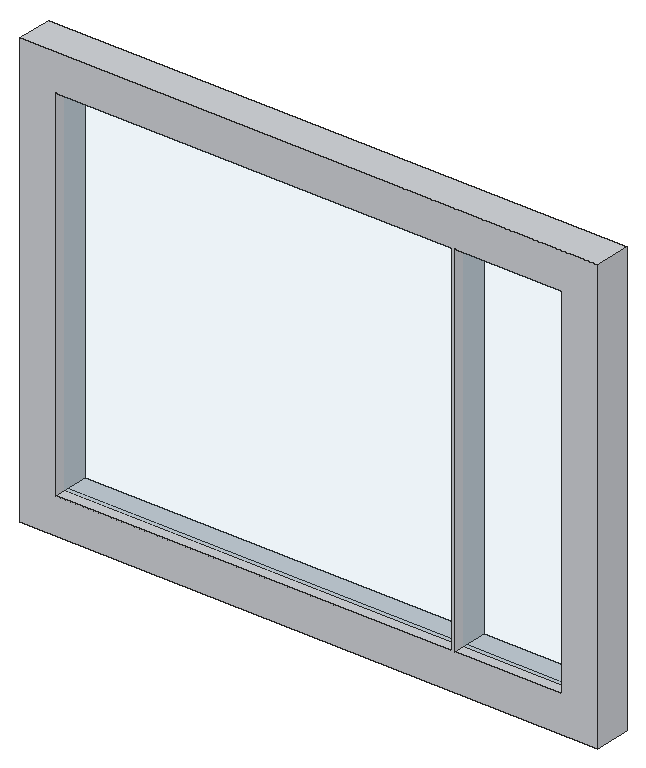
Revit family "PHLS Window - 1 Mullion", category Windows, host Wall, Revit 2018 (continued)
Definition of nested family "dHori Text - Elevation"
  Lines and regions (mm)
    Filled region 4, type "Solid Fill - Blue", in view "Ref. Level"
      outline origin (167.493, 0, 0) x (1, 0, 0) y (0, 1, 0)
        loop
          spline (-175.674, -23.613) -> (-171.33, -22.908) -> (-169.791, -22.309) -> (-168.405, -21.311) -> (-167.201, -20.024) -> (-166.317, -18.518) -> (-165.768, -16.888) -> (-165.579, -15.289) -> (-165.618, -13.63) -> (-166.119, -11.979) -> (-167.07, -10.588) -> (-168.322, -9.573) -> (-171.627, -8.762)
          line (-171.627, -8.762) -> (-183.335, -8.762) -> (-188.472, -33.793)
        loop
          line (-180.453, -11.396) -> (-182.387, -20.819) -> (-175.67, -20.819)
          spline (-175.67, -20.819) -> (-172.662, -20.274) -> (-171.624, -19.818) -> (-170.758, -19.233) -> (-170.01, -18.47) -> (-169.367, -17.36) -> (-168.916, -16.205) -> (-168.749, -15.161) -> (-168.855, -14.116) -> (-169.161, -13.156) -> (-169.994, -12.16) -> (-170.911, -11.709) -> (-173.495, -11.396)
          line (-173.495, -11.396) -> (-180.453, -11.396)
    Filled region 5, type "Solid Fill - Blue", in view "Ref. Level"
      outline origin (212.493, 0, 0) x (1, 0, 0) y (0, 1, 0)
        loop
          line (-189.097, -33.793) -> (-186.143, -33.793) -> (-181.007, -8.762) -> (-183.96, -8.762) -> (-185.992, -18.666)
          spline (-185.992, -18.666) -> (-189.018, -15.645) -> (-191.89, -15.318) -> (-194.745, -16.312) -> (-197.017, -18.256) -> (-198.758, -21.005) -> (-199.707, -23.911) -> (-199.98, -27.227) -> (-199.492, -30.174) -> (-197.974, -32.627) -> (-195.435, -34.052) -> (-192.553, -33.977) -> (-188.596, -31.353)
          line (-188.596, -31.353) -> (-189.097, -33.793)
        loop
          spline (-187.074, -23.939) -> (-187.766, -19.434) -> (-189.652, -17.96) -> (-191.978, -17.855) -> (-193.982, -19.036) -> (-195.419, -21.043) -> (-196.57, -23.675) -> (-197.008, -26.615) -> (-196.558, -29.314) -> (-195.29, -31.127) -> (-193.225, -31.745) -> (-190.995, -31.199) -> (-187.564, -26.326)
          line (-187.564, -26.326) -> (-187.074, -23.939)
    Filled region 6, type "Solid Fill - Blue", in view "Ref. Level"
      outline origin (219.538, 0, 0) x (1, 0, 0) y (0, 1, 0)
        loop
          line (-188.472, -33.793) -> (-185.05, -33.793) -> (-182.624, -21.973) -> (-169.658, -21.973) -> (-172.083, -33.793) -> (-168.661, -33.793) -> (-163.525, -8.762) -> (-166.947, -8.762) -> (-169.084, -19.178) -> (-182.05, -19.178) -> (-179.913, -8.762) -> (-183.335, -8.762) -> (-188.472, -33.793)
    Filled region 7, type "Solid Fill - Blue", in view "Ref. Level"
      outline origin (273.973, -0.029, 0) x (1, 0, 0) y (0, 1, 0)
        loop
          line (-187.046, -33.813) -> (-183.92, -33.813) -> (-180.059, -15.651) -> (-183.186, -15.651) -> (-187.046, -33.813)
        loop
          line (-178.662, -8.76) -> (-181.772, -8.76) -> (-182.479, -12.206) -> (-179.369, -12.206) -> (-178.662, -8.76)
    Filled region 8, type "Solid Fill - Blue", in view "Ref. Level"
      outline origin (262.354, -0.029, 0) x (1, 0, 0) y (0, 1, 0)
        loop
          line (-187.203, -33.813) -> (-184.232, -33.813) -> (-182.187, -24.191)
          spline (-182.187, -24.191) -> (-181.595, -22.531) -> (-181.014, -21.296) -> (-180.448, -20.401) -> (-179.904, -19.758) -> (-179.385, -19.282) -> (-178.893, -18.903) -> (-178.403, -18.603) -> (-177.889, -18.375) -> (-177.325, -18.211) -> (-176.675, -18.137) -> (-175.886, -18.259) -> (-174.899, -18.698)
          line (-174.899, -18.698) -> (-173.695, -15.861)
          spline (-173.695, -15.861) -> (-174.712, -15.452) -> (-175.433, -15.243) -> (-176.054, -15.188) -> (-176.66, -15.253) -> (-177.241, -15.405) -> (-177.786, -15.618) -> (-178.303, -15.896) -> (-178.811, -16.26) -> (-179.331, -16.733) -> (-179.901, -17.353) -> (-180.588, -18.186) -> (-181.46, -19.3)
          line (-181.46, -19.3) -> (-180.684, -15.651) -> (-183.342, -15.651) -> (-187.203, -33.813)
    Filled region 9, type "Solid Fill - Blue", in view "Ref. Level"
      outline origin (250.372, -0.029, 0) x (1, 0, 0) y (0, 1, 0)
        loop
          spline (-187.2, -31.928) -> (-185.814, -32.036) -> (-184.391, -31.647) -> (-183.027, -30.787) -> (-181.817, -29.514) -> (-180.842, -27.915) -> (-180.169, -26.1) -> (-179.844, -24.191) -> (-179.889, -22.319) -> (-180.301, -20.612) -> (-181.051, -19.185) -> (-182.089, -18.136) -> (-183.345, -17.537)
          spline (-183.345, -17.537) -> (-184.731, -17.428) -> (-186.154, -17.818) -> (-187.518, -18.678) -> (-188.728, -19.951) -> (-189.703, -21.549) -> (-190.376, -23.365) -> (-190.701, -25.274) -> (-190.656, -27.146) -> (-190.244, -28.853) -> (-189.494, -30.28) -> (-188.455, -31.328) -> (-187.2, -31.928)
        loop
          spline (-187.969, -34.137) -> (-185.791, -34.414) -> (-183.578, -34.032) -> (-181.481, -33.016) -> (-179.642, -31.436) -> (-178.186, -29.399) -> (-177.214, -27.043) -> (-176.79, -24.53) -> (-176.945, -22.031) -> (-177.667, -19.717) -> (-178.908, -17.743) -> (-180.582, -16.247) -> (-182.576, -15.328)
          spline (-182.576, -15.328) -> (-184.753, -15.05) -> (-186.967, -15.433) -> (-189.064, -16.448) -> (-190.903, -18.029) -> (-192.359, -20.066) -> (-193.331, -22.422) -> (-193.755, -24.934) -> (-193.6, -27.433) -> (-192.878, -29.748) -> (-191.637, -31.721) -> (-189.963, -33.218) -> (-187.969, -34.137)
Definition of nested family "hHori Text - Elevation"
  Reference planes
    plane 1 "Center (Front/Back)": y = 0
    plane 2: z = 0
    plane 3 "Center (Left/Right)": x = 0
  Lines and regions (mm)
    Filled region 1, type "Solid Fill - Blue", in view "Ref. Level"
      outline origin (96.015, 45, 0) x (1, 0, 0) y (0, 1, 0)
        loop
          line (-188.472, -33.793) -> (-185.05, -33.793) -> (-182.961, -23.613) -> (-175.674, -23.613)
          spline (-175.674, -23.613) -> (-171.33, -22.908) -> (-169.791, -22.309) -> (-168.405, -21.311) -> (-167.201, -20.024) -> (-166.317, -18.518) -> (-165.768, -16.888) -> (-165.579, -15.289) -> (-165.618, -13.63) -> (-166.119, -11.979) -> (-167.07, -10.588) -> (-168.322, -9.573) -> (-171.627, -8.762)
          line (-171.627, -8.762) -> (-183.335, -8.762) -> (-188.472, -33.793)
        loop
          line (-180.453, -11.396) -> (-182.387, -20.819) -> (-175.67, -20.819)
          spline (-175.67, -20.819) -> (-172.662, -20.274) -> (-171.624, -19.818) -> (-170.758, -19.233) -> (-170.01, -18.47) -> (-169.367, -17.36) -> (-168.916, -16.205) -> (-168.749, -15.161) -> (-168.855, -14.116) -> (-169.161, -13.156) -> (-169.994, -12.16) -> (-170.911, -11.709) -> (-173.495, -11.396)
          line (-173.495, -11.396) -> (-180.453, -11.396)
    Filled region 2, type "Solid Fill - Blue", in view "Ref. Level"
      outline origin (119.226, 45, 0) x (1, 0, 0) y (0, 1, 0)
        loop
          line (-188.472, -33.793) -> (-185.05, -33.793) -> (-182.624, -21.973) -> (-169.658, -21.973) -> (-172.083, -33.793) -> (-168.661, -33.793) -> (-163.525, -8.762) -> (-166.947, -8.762) -> (-169.084, -19.178) -> (-182.05, -19.178) -> (-179.913, -8.762) -> (-183.335, -8.762) -> (-188.472, -33.793)
    Filled region 3, type "Solid Fill - Blue", in view "Ref. Level"
      outline origin (144.429, 45, 0) x (1, 0, 0) y (0, 1, 0)
        loop
          line (-188.472, -33.793) -> (-185.05, -33.793) -> (-182.961, -23.613) -> (-175.674, -23.613)
          spline (-175.674, -23.613) -> (-171.33, -22.908) -> (-169.791, -22.309) -> (-168.405, -21.311) -> (-167.201, -20.024) -> (-166.317, -18.518) -> (-165.768, -16.888) -> (-165.579, -15.289) -> (-165.618, -13.63) -> (-166.119, -11.979) -> (-167.07, -10.588) -> (-168.322, -9.573) -> (-171.627, -8.762)
          line (-171.627, -8.762) -> (-183.335, -8.762) -> (-188.472, -33.793)
        loop
          line (-180.453, -11.396) -> (-182.387, -20.819) -> (-175.67, -20.819)
          spline (-175.67, -20.819) -> (-172.662, -20.274) -> (-171.624, -19.818) -> (-170.758, -19.233) -> (-170.01, -18.47) -> (-169.367, -17.36) -> (-168.916, -16.205) -> (-168.749, -15.161) -> (-168.855, -14.116) -> (-169.161, -13.156) -> (-169.994, -12.16) -> (-170.911, -11.709) -> (-173.495, -11.396)
          line (-173.495, -11.396) -> (-180.453, -11.396)
    Filled region 4, type "Solid Fill - Blue", in view "Ref. Level"
      outline origin (167.493, 45, 0) x (1, 0, 0) y (0, 1, 0)
        loop
          line (-188.472, -33.793) -> (-185.05, -33.793) -> (-182.961, -23.613) -> (-175.674, -23.613)
          spline (-175.674, -23.613) -> (-171.33, -22.908) -> (-169.791, -22.309) -> (-168.405, -21.311) -> (-167.201, -20.024) -> (-166.317, -18.518) -> (-165.768, -16.888) -> (-165.579, -15.289) -> (-165.618, -13.63) -> (-166.119, -11.979) -> (-167.07, -10.588) -> (-168.322, -9.573) -> (-171.627, -8.762)
          line (-171.627, -8.762) -> (-183.335, -8.762) -> (-188.472, -33.793)
        loop
          line (-180.453, -11.396) -> (-182.387, -20.819) -> (-175.67, -20.819)
          spline (-175.67, -20.819) -> (-172.662, -20.274) -> (-171.624, -19.818) -> (-170.758, -19.233) -> (-170.01, -18.47) -> (-169.367, -17.36) -> (-168.916, -16.205) -> (-168.749, -15.161) -> (-168.855, -14.116) -> (-169.161, -13.156) -> (-169.994, -12.16) -> (-170.911, -11.709) -> (-173.495, -11.396)
          line (-173.495, -11.396) -> (-180.453, -11.396)
    Filled region 5, type "Solid Fill - Blue", in view "Ref. Level"
      outline origin (219.538, 45, 0) x (1, 0, 0) y (0, 1, 0)
        loop
          line (-188.472, -33.793) -> (-185.05, -33.793) -> (-182.624, -21.973) -> (-169.658, -21.973) -> (-172.083, -33.793) -> (-168.661, -33.793) -> (-163.525, -8.762) -> (-166.947, -8.762) -> (-169.084, -19.178) -> (-182.05, -19.178) -> (-179.913, -8.762) -> (-183.335, -8.762) -> (-188.472, -33.793)
    Filled region 6, type "Solid Fill - Blue", in view "Ref. Level"
      outline origin (273.973, 44.971, 0) x (1, 0, 0) y (0, 1, 0)
        loop
          line (-187.046, -33.813) -> (-183.92, -33.813) -> (-180.059, -15.651) -> (-183.186, -15.651) -> (-187.046, -33.813)
        loop
          line (-178.662, -8.76) -> (-181.772, -8.76) -> (-182.479, -12.206) -> (-179.369, -12.206) -> (-178.662, -8.76)
    Filled region 7, type "Solid Fill - Blue", in view "Ref. Level"
      outline origin (262.354, 44.971, 0) x (1, 0, 0) y (0, 1, 0)
        loop
          line (-187.203, -33.813) -> (-184.232, -33.813) -> (-182.187, -24.191)
          spline (-182.187, -24.191) -> (-181.595, -22.531) -> (-181.014, -21.296) -> (-180.448, -20.401) -> (-179.904, -19.758) -> (-179.385, -19.282) -> (-178.893, -18.903) -> (-178.403, -18.603) -> (-177.889, -18.375) -> (-177.325, -18.211) -> (-176.675, -18.137) -> (-175.886, -18.259) -> (-174.899, -18.698)
          line (-174.899, -18.698) -> (-173.695, -15.861)
          spline (-173.695, -15.861) -> (-174.712, -15.452) -> (-175.433, -15.243) -> (-176.054, -15.188) -> (-176.66, -15.253) -> (-177.241, -15.405) -> (-177.786, -15.618) -> (-178.303, -15.896) -> (-178.811, -16.26) -> (-179.331, -16.733) -> (-179.901, -17.353) -> (-180.588, -18.186) -> (-181.46, -19.3)
          line (-181.46, -19.3) -> (-180.684, -15.651) -> (-183.342, -15.651) -> (-187.203, -33.813)
    Filled region 8, type "Solid Fill - Blue", in view "Ref. Level"
      outline origin (250.372, 44.971, 0) x (1, 0, 0) y (0, 1, 0)
        loop
          spline (-187.2, -31.928) -> (-185.814, -32.036) -> (-184.391, -31.647) -> (-183.027, -30.787) -> (-181.817, -29.514) -> (-180.842, -27.915) -> (-180.169, -26.1) -> (-179.844, -24.191) -> (-179.889, -22.319) -> (-180.301, -20.612) -> (-181.051, -19.185) -> (-182.089, -18.136) -> (-183.345, -17.537)
          spline (-183.345, -17.537) -> (-184.731, -17.428) -> (-186.154, -17.818) -> (-187.518, -18.678) -> (-188.728, -19.951) -> (-189.703, -21.549) -> (-190.376, -23.365) -> (-190.701, -25.274) -> (-190.656, -27.146) -> (-190.244, -28.853) -> (-189.494, -30.28) -> (-188.455, -31.328) -> (-187.2, -31.928)
        loop
          spline (-187.969, -34.137) -> (-185.791, -34.414) -> (-183.578, -34.032) -> (-181.481, -33.016) -> (-179.642, -31.436) -> (-178.186, -29.399) -> (-177.214, -27.043) -> (-176.79, -24.53) -> (-176.945, -22.031) -> (-177.667, -19.717) -> (-178.908, -17.743) -> (-180.582, -16.247) -> (-182.576, -15.328)
          spline (-182.576, -15.328) -> (-184.753, -15.05) -> (-186.967, -15.433) -> (-189.064, -16.448) -> (-190.903, -18.029) -> (-192.359, -20.066) -> (-193.331, -22.422) -> (-193.755, -24.934) -> (-193.6, -27.433) -> (-192.878, -29.748) -> (-191.637, -31.721) -> (-189.963, -33.218) -> (-187.969, -34.137)
    Filled region 9, type "Solid Fill - Blue", in view "Ref. Level"
      outline origin (198.758, 44.983, 0) x (1, 0, 0) y (0, 1, 0)
        loop
          line (-187.203, -33.813) -> (-184.076, -33.813) -> (-182.029, -24.183)
          spline (-182.029, -24.183) -> (-181.055, -21.496) -> (-180.114, -19.985) -> (-179.213, -19.156) -> (-178.355, -18.578) -> (-177.493, -18.149) -> (-176.57, -17.875) -> (-175.595, -17.762) -> (-174.69, -17.814) -> (-173.937, -18.051) -> (-173.31, -18.53) -> (-172.9, -19.34) -> (-173.029, -21.034)
          line (-173.029, -21.034) -> (-175.745, -33.813) -> (-172.618, -33.813) -> (-170.184, -22.361)
          spline (-170.184, -22.361) -> (-169.793, -19.618) -> (-169.966, -18.045) -> (-170.478, -17.066) -> (-171.158, -16.393) -> (-171.899, -15.878) -> (-172.776, -15.508) -> (-173.861, -15.299) -> (-175.038, -15.27) -> (-176.173, -15.439) -> (-177.283, -15.818) -> (-178.473, -16.46) -> (-180.15, -17.713)
          line (-180.15, -17.713) -> (-180.789, -18.352) -> (-178.751, -8.76) -> (-181.877, -8.76) -> (-187.203, -33.813)
Definition of nested family "oReveal Right Side Text - Elevation"
  Reference planes
    plane 1 "Center (Front/Back)": y = 0
    plane 2: z = 0
    plane 3 "Center (Left/Right)": x = 0
  Lines and regions (mm)
    Filled region 1, type "Solid Fill - Blue", in view "Ref. Level"
      outline origin (-11.25, 45, 0) x (1, 0, 0) y (0, 1, 0)
        loop
          line (-188.472, -33.793) -> (-185.05, -33.793) -> (-182.961, -23.613) -> (-175.674, -23.613)
          spline (-175.674, -23.613) -> (-171.33, -22.908) -> (-169.791, -22.309) -> (-168.405, -21.311) -> (-167.201, -20.024) -> (-166.317, -18.518) -> (-165.768, -16.888) -> (-165.579, -15.289) -> (-165.618, -13.63) -> (-166.119, -11.979) -> (-167.07, -10.588) -> (-168.322, -9.573) -> (-171.627, -8.762)
          line (-171.627, -8.762) -> (-183.335, -8.762) -> (-188.472, -33.793)
        loop
          line (-180.453, -11.396) -> (-182.387, -20.819) -> (-175.67, -20.819)
          spline (-175.67, -20.819) -> (-172.662, -20.274) -> (-171.624, -19.818) -> (-170.758, -19.233) -> (-170.01, -18.47) -> (-169.367, -17.36) -> (-168.916, -16.205) -> (-168.749, -15.161) -> (-168.855, -14.116) -> (-169.161, -13.156) -> (-169.994, -12.16) -> (-170.911, -11.709) -> (-173.495, -11.396)
          line (-173.495, -11.396) -> (-180.453, -11.396)
    Filled region 2, type "Solid Fill - Blue", in view "Ref. Level"
      outline origin (11.961, 45, 0) x (1, 0, 0) y (0, 1, 0)
        loop
          line (-188.472, -33.793) -> (-185.05, -33.793) -> (-182.624, -21.973) -> (-169.658, -21.973) -> (-172.083, -33.793) -> (-168.661, -33.793) -> (-163.525, -8.762) -> (-166.947, -8.762) -> (-169.084, -19.178) -> (-182.05, -19.178) -> (-179.913, -8.762) -> (-183.335, -8.762) -> (-188.472, -33.793)
    Filled region 3, type "Solid Fill - Blue", in view "Ref. Level"
      outline origin (37.164, 45, 0) x (1, 0, 0) y (0, 1, 0)
        loop
          line (-188.472, -33.793) -> (-185.05, -33.793) -> (-182.961, -23.613) -> (-175.674, -23.613)
          spline (-175.674, -23.613) -> (-171.33, -22.908) -> (-169.791, -22.309) -> (-168.405, -21.311) -> (-167.201, -20.024) -> (-166.317, -18.518) -> (-165.768, -16.888) -> (-165.579, -15.289) -> (-165.618, -13.63) -> (-166.119, -11.979) -> (-167.07, -10.588) -> (-168.322, -9.573) -> (-171.627, -8.762)
          line (-171.627, -8.762) -> (-183.335, -8.762) -> (-188.472, -33.793)
        loop
          line (-180.453, -11.396) -> (-182.387, -20.819) -> (-175.67, -20.819)
          spline (-175.67, -20.819) -> (-172.662, -20.274) -> (-171.624, -19.818) -> (-170.758, -19.233) -> (-170.01, -18.47) -> (-169.367, -17.36) -> (-168.916, -16.205) -> (-168.749, -15.161) -> (-168.855, -14.116) -> (-169.161, -13.156) -> (-169.994, -12.16) -> (-170.911, -11.709) -> (-173.495, -11.396)
          line (-173.495, -11.396) -> (-180.453, -11.396)
    Filled region 4, type "Solid Fill - Blue", in view "Ref. Level"
      outline origin (60.229, 45, 0) x (1, 0, 0) y (0, 1, 0)
        loop
          line (-188.472, -33.793) -> (-185.05, -33.793) -> (-182.961, -23.613) -> (-175.674, -23.613)
          spline (-175.674, -23.613) -> (-171.33, -22.908) -> (-169.791, -22.309) -> (-168.405, -21.311) -> (-167.201, -20.024) -> (-166.317, -18.518) -> (-165.768, -16.888) -> (-165.579, -15.289) -> (-165.618, -13.63) -> (-166.119, -11.979) -> (-167.07, -10.588) -> (-168.322, -9.573) -> (-171.627, -8.762)
          line (-171.627, -8.762) -> (-183.335, -8.762) -> (-188.472, -33.793)
        loop
          line (-180.453, -11.396) -> (-182.387, -20.819) -> (-175.67, -20.819)
          spline (-175.67, -20.819) -> (-172.662, -20.274) -> (-171.624, -19.818) -> (-170.758, -19.233) -> (-170.01, -18.47) -> (-169.367, -17.36) -> (-168.916, -16.205) -> (-168.749, -15.161) -> (-168.855, -14.116) -> (-169.161, -13.156) -> (-169.994, -12.16) -> (-170.911, -11.709) -> (-173.495, -11.396)
          line (-173.495, -11.396) -> (-180.453, -11.396)
    Filled region 5, type "Solid Fill - Blue", in view "Ref. Level"
      outline origin (112.67, 45, 0) x (1, 0, 0) y (0, 1, 0)
        loop
          line (-188.472, -33.793) -> (-185.05, -33.793) -> (-182.768, -22.676) -> (-178.749, -22.676)
          spline (-178.749, -22.676) -> (-177.093, -22.836) -> (-175.853, -23.268) -> (-174.945, -23.899) -> (-174.288, -24.657) -> (-173.796, -25.469) -> (-173.389, -26.266) -> (-173.006, -27.05) -> (-172.612, -27.905) -> (-172.172, -28.918) -> (-171.652, -30.178) -> (-171.017, -31.774) -> (-170.235, -33.793)
          line (-170.235, -33.793) -> (-166.55, -33.793)
          spline (-166.55, -33.793) -> (-167.221, -32.11) -> (-167.783, -30.698) -> (-168.262, -29.514) -> (-168.682, -28.512) -> (-169.068, -27.647) -> (-169.446, -26.874) -> (-169.84, -26.149) -> (-170.279, -25.44) -> (-170.789, -24.735) -> (-171.402, -24.023) -> (-172.145, -23.293) -> (-173.048, -22.536)
          spline (-173.048, -22.536) -> (-169.187, -21.607) -> (-167.872, -20.91) -> (-166.626, -19.99) -> (-165.691, -18.809) -> (-165.041, -17.479) -> (-164.64, -16.087) -> (-164.569, -14.41) -> (-164.781, -12.941) -> (-165.311, -11.614) -> (-166.271, -10.347) -> (-167.333, -9.51) -> (-170.221, -8.762)
          line (-170.221, -8.762) -> (-183.335, -8.762) -> (-188.472, -33.793)
        loop
          line (-180.453, -11.396) -> (-182.195, -19.881) -> (-174.048, -19.881)
          spline (-174.048, -19.881) -> (-171.339, -19.39) -> (-170.403, -18.98) -> (-169.624, -18.453) -> (-168.951, -17.766) -> (-168.372, -16.767) -> (-167.965, -15.727) -> (-167.815, -14.787) -> (-167.91, -13.846) -> (-168.186, -12.981) -> (-168.936, -12.084) -> (-169.762, -11.678) -> (-172.089, -11.396)
          line (-172.089, -11.396) -> (-180.453, -11.396)
    Filled region 6, type "Solid Fill - Blue", in view "Ref. Level"
      outline origin (140.799, 45, 0) x (1, 0, 0) y (0, 1, 0)
        loop
          line (-188.129, -25.472) -> (-174.751, -25.472)
          spline (-174.751, -25.472) -> (-175.33, -18.793) -> (-178.232, -15.972) -> (-182.297, -15.286) -> (-185.875, -16.235) -> (-188.923, -19.053) -> (-190.829, -22.908) -> (-191.378, -26.678) -> (-190.398, -30.629) -> (-187.637, -33.408) -> (-183.785, -34.191) -> (-179.629, -32.861) -> (-175.591, -27.915)
          line (-175.591, -27.915) -> (-178.628, -27.65)
          spline (-178.628, -27.65) -> (-179.383, -29.083) -> (-180.181, -30.112) -> (-181.08, -30.842) -> (-182.086, -31.328) -> (-183.191, -31.613) -> (-184.325, -31.69) -> (-185.385, -31.524) -> (-186.294, -31.082) -> (-187.053, -30.342) -> (-187.68, -29.283) -> (-188.105, -27.762) -> (-188.129, -25.472)
        loop
          spline (-177.445, -23.161) -> (-177.526, -21.224) -> (-177.805, -19.993) -> (-178.317, -19.083) -> (-179.061, -18.396) -> (-179.944, -17.928) -> (-180.872, -17.685) -> (-181.802, -17.626) -> (-182.746, -17.748) -> (-183.806, -18.125) -> (-185.057, -18.884) -> (-186.406, -20.407) -> (-187.699, -23.161)
          line (-187.699, -23.161) -> (-177.445, -23.161)
    Filled region 7, type "Solid Fill - Blue", in view "Ref. Level"
      outline origin (177.936, 45, 0) x (1, 0, 0) y (0, 1, 0)
        loop
          line (-188.129, -25.472) -> (-174.751, -25.472)
          spline (-174.751, -25.472) -> (-175.33, -18.793) -> (-178.232, -15.972) -> (-182.297, -15.286) -> (-185.875, -16.235) -> (-188.923, -19.053) -> (-190.829, -22.908) -> (-191.378, -26.678) -> (-190.398, -30.629) -> (-187.637, -33.408) -> (-183.785, -34.191) -> (-179.629, -32.861) -> (-175.591, -27.915)
          line (-175.591, -27.915) -> (-178.628, -27.65)
          spline (-178.628, -27.65) -> (-179.383, -29.083) -> (-180.181, -30.112) -> (-181.08, -30.842) -> (-182.086, -31.328) -> (-183.191, -31.613) -> (-184.325, -31.69) -> (-185.385, -31.524) -> (-186.294, -31.082) -> (-187.053, -30.342) -> (-187.68, -29.283) -> (-188.105, -27.762) -> (-188.129, -25.472)
        loop
          spline (-177.445, -23.161) -> (-177.526, -21.224) -> (-177.805, -19.993) -> (-178.317, -19.083) -> (-179.061, -18.396) -> (-179.944, -17.928) -> (-180.872, -17.685) -> (-181.802, -17.626) -> (-182.746, -17.748) -> (-183.806, -18.125) -> (-185.057, -18.884) -> (-186.406, -20.407) -> (-187.699, -23.161)
          line (-187.699, -23.161) -> (-177.445, -23.161)
    Filled region 8, type "Solid Fill - Blue", in view "Ref. Level"
      outline origin (162.443, 45, 0) x (1, 0, 0) y (0, 1, 0)
        loop
          line (-189.88, -33.819) -> (-186.425, -33.819) -> (-175.939, -15.656) -> (-179.19, -15.656) -> (-187.655, -30.927) -> (-189.88, -15.656) -> (-192.832, -15.656) -> (-189.88, -33.819)
    Filled region 9, type "Solid Fill - Blue", in view "Ref. Level"
      outline origin (197.496, 45, 0) x (1, 0, 0) y (0, 1, 0)
        loop
          spline (-176.731, -33.81) -> (-177.048, -30.756) -> (-176.568, -27.729) -> (-175.862, -24.428) -> (-175.296, -21.761) -> (-175.209, -19.472) -> (-176.174, -17.323) -> (-178.088, -15.946) -> (-180.408, -15.324) -> (-183.076, -15.244) -> (-185.871, -15.924) -> (-188.445, -17.662) -> (-190.254, -20.766)
          line (-190.254, -20.766) -> (-187.177, -21.036)
          spline (-187.177, -21.036) -> (-186.217, -19.367) -> (-185.166, -18.49) -> (-184.123, -18.053) -> (-183.14, -17.828) -> (-182.213, -17.753) -> (-181.329, -17.788) -> (-180.488, -17.931) -> (-179.696, -18.205) -> (-178.989, -18.646) -> (-178.457, -19.328) -> (-178.242, -20.429) -> (-178.61, -22.434)
          spline (-178.61, -22.434) -> (-182.106, -22.969) -> (-185.94, -23.268) -> (-188.411, -23.836) -> (-190.183, -24.81) -> (-191.466, -26.329) -> (-192.072, -28.375) -> (-191.785, -30.63) -> (-190.666, -32.589) -> (-188.815, -33.834) -> (-186.625, -34.269) -> (-184.308, -33.979) -> (-180.197, -31.547)
          line (-180.197, -31.547) -> (-179.837, -33.81) -> (-176.731, -33.81)
        loop
          arc (-179.062, -24.59) -> (-179.61, -24.797) -> (-180.176, -24.947) r 5.632
          spline (-180.176, -24.947) -> (-183.054, -25.289) -> (-185.569, -25.599) -> (-187.565, -26.26) -> (-188.711, -27.474) -> (-189.006, -29.249) -> (-188.323, -30.798) -> (-186.742, -31.691) -> (-184.734, -31.772) -> (-182.898, -31.193) -> (-181.336, -30.093) -> (-180.13, -28.385) -> (-179.062, -24.59)
    Filled region 10, type "Solid Fill - Blue", in view "Ref. Level"
      outline origin (212.589, 45, 0) x (1, 0, 0) y (0, 1, 0)
        loop
          line (-188.472, -33.793) -> (-185.362, -33.793) -> (-180.225, -8.762) -> (-183.335, -8.762) -> (-188.472, -33.793)
    Filled region 11, type "Solid Fill - Blue", in view "Ref. Level"
      outline origin (374.336, 45, 0) x (1, 0, 0) y (0, 1, 0)
        loop
          line (-188.129, -25.472) -> (-174.751, -25.472)
          spline (-174.751, -25.472) -> (-175.33, -18.793) -> (-178.232, -15.972) -> (-182.297, -15.286) -> (-185.875, -16.235) -> (-188.923, -19.053) -> (-190.829, -22.908) -> (-191.378, -26.678) -> (-190.398, -30.629) -> (-187.637, -33.408) -> (-183.785, -34.191) -> (-179.629, -32.861) -> (-175.591, -27.915)
          line (-175.591, -27.915) -> (-178.628, -27.65)
          spline (-178.628, -27.65) -> (-179.383, -29.083) -> (-180.181, -30.112) -> (-181.08, -30.842) -> (-182.086, -31.328) -> (-183.191, -31.613) -> (-184.325, -31.69) -> (-185.385, -31.524) -> (-186.294, -31.082) -> (-187.053, -30.342) -> (-187.68, -29.283) -> (-188.105, -27.762) -> (-188.129, -25.472)
        loop
          spline (-177.445, -23.161) -> (-177.526, -21.224) -> (-177.805, -19.993) -> (-178.317, -19.083) -> (-179.061, -18.396) -> (-179.944, -17.928) -> (-180.872, -17.685) -> (-181.802, -17.626) -> (-182.746, -17.748) -> (-183.806, -18.125) -> (-185.057, -18.884) -> (-186.406, -20.407) -> (-187.699, -23.161)
          line (-187.699, -23.161) -> (-177.445, -23.161)
    Filled region 12, type "Solid Fill - Blue", in view "Ref. Level"
      outline origin (363.908, 45, 0) x (1, 0, 0) y (0, 1, 0)
        loop
          line (-189.097, -33.793) -> (-186.143, -33.793) -> (-181.007, -8.762) -> (-183.96, -8.762) -> (-185.992, -18.666)
          spline (-185.992, -18.666) -> (-189.018, -15.645) -> (-191.89, -15.318) -> (-194.745, -16.312) -> (-197.017, -18.256) -> (-198.758, -21.005) -> (-199.707, -23.911) -> (-199.98, -27.227) -> (-199.492, -30.174) -> (-197.974, -32.627) -> (-195.435, -34.052) -> (-192.553, -33.977) -> (-188.596, -31.353)
          line (-188.596, -31.353) -> (-189.097, -33.793)
        loop
          spline (-187.074, -23.939) -> (-187.766, -19.434) -> (-189.652, -17.96) -> (-191.978, -17.855) -> (-193.982, -19.036) -> (-195.419, -21.043) -> (-196.57, -23.675) -> (-197.008, -26.615) -> (-196.558, -29.314) -> (-195.29, -31.127) -> (-193.225, -31.745) -> (-190.995, -31.199) -> (-187.564, -26.326)
          line (-187.564, -26.326) -> (-187.074, -23.939)
    Filled region 13, type "Solid Fill - Blue", in view "Ref. Level"
      outline origin (301.91, 45, 0) x (1, 0, 0) y (0, 1, 0)
        loop
          spline (-188.225, -31.068) -> (-188.142, -32.2) -> (-187.85, -32.743) -> (-187.548, -33.075) -> (-187.215, -33.366) -> (-186.817, -33.641) -> (-186.334, -33.851) -> (-185.8, -33.988) -> (-185.279, -34.07) -> (-184.77, -34.11) -> (-184.203, -34.117) -> (-183.457, -34.057) -> (-182.296, -33.793)
          line (-182.296, -33.793) -> (-181.778, -31.268)
          spline (-181.778, -31.268) -> (-182.615, -31.431) -> (-183.256, -31.506) -> (-183.748, -31.513) -> (-184.131, -31.466) -> (-184.428, -31.371) -> (-184.66, -31.233) -> (-184.832, -31.045) -> (-184.939, -30.798) -> (-184.983, -30.489) -> (-184.981, -30.117) -> (-184.902, -29.552) -> (-184.676, -28.55)
          line (-184.676, -28.55) -> (-182.44, -18.033) -> (-179.466, -18.033) -> (-178.977, -15.651) -> (-181.952, -15.651) -> (-180.595, -9.043) -> (-184.142, -11.174) -> (-185.061, -15.651) -> (-187.516, -15.651) -> (-188.004, -18.033) -> (-185.55, -18.033) -> (-188.225, -31.068)
    Filled region 14, type "Solid Fill - Blue", in view "Ref. Level"
      outline origin (342.757, 45, 0) x (1, 0, 0) y (0, 1, 0)
        loop
          line (-187.046, -33.813) -> (-183.92, -33.813) -> (-180.059, -15.651) -> (-183.186, -15.651) -> (-187.046, -33.813)
        loop
          line (-178.662, -8.76) -> (-181.772, -8.76) -> (-182.479, -12.206) -> (-179.369, -12.206) -> (-178.662, -8.76)
    Filled region 15, type "Solid Fill - Blue", in view "Ref. Level"
      outline origin (325.902, 45, 0) x (1, 0, 0) y (0, 1, 0)
        loop
          spline (-191.902, -25.696) -> (-188.873, -32.573) -> (-184.7, -34.054) -> (-179.1, -33.911) -> (-174.626, -31.632) -> (-172.605, -27.747) -> (-173.701, -23.276) -> (-177.807, -20.444) -> (-183.106, -18.033) -> (-185.511, -14.656) -> (-182.77, -11.452) -> (-177.656, -11.4) -> (-174.053, -16.091)
          line (-174.053, -16.091) -> (-170.823, -15.809)
          spline (-170.823, -15.809) -> (-173.206, -10.35) -> (-177.749, -8.428) -> (-183.329, -8.698) -> (-187.292, -10.915) -> (-188.76, -15.635) -> (-186.187, -19.894) -> (-181.292, -22.401) -> (-176.599, -25.193) -> (-176.643, -29.277) -> (-181.021, -31.416) -> (-186.304, -30.526) -> (-188.603, -25.407)
          line (-188.603, -25.407) -> (-191.902, -25.696)
    Filled region 16, type "Solid Fill - Blue", in view "Ref. Level"
      outline origin (231.047, 45, 0) x (1, 0, 0) y (0, 1, 0)
        loop
          line (-188.472, -33.793) -> (-185.05, -33.793) -> (-182.768, -22.676) -> (-178.749, -22.676)
          spline (-178.749, -22.676) -> (-177.093, -22.836) -> (-175.853, -23.268) -> (-174.945, -23.899) -> (-174.288, -24.657) -> (-173.796, -25.469) -> (-173.389, -26.266) -> (-173.006, -27.05) -> (-172.612, -27.905) -> (-172.172, -28.918) -> (-171.652, -30.178) -> (-171.017, -31.774) -> (-170.235, -33.793)
          line (-170.235, -33.793) -> (-166.55, -33.793)
          spline (-166.55, -33.793) -> (-167.221, -32.11) -> (-167.783, -30.698) -> (-168.262, -29.514) -> (-168.682, -28.512) -> (-169.068, -27.647) -> (-169.446, -26.874) -> (-169.84, -26.149) -> (-170.279, -25.44) -> (-170.789, -24.735) -> (-171.402, -24.023) -> (-172.145, -23.293) -> (-173.048, -22.536)
          spline (-173.048, -22.536) -> (-169.187, -21.607) -> (-167.872, -20.91) -> (-166.626, -19.99) -> (-165.691, -18.809) -> (-165.041, -17.479) -> (-164.64, -16.087) -> (-164.569, -14.41) -> (-164.781, -12.941) -> (-165.311, -11.614) -> (-166.271, -10.347) -> (-167.333, -9.51) -> (-170.221, -8.762)
          line (-170.221, -8.762) -> (-183.335, -8.762) -> (-188.472, -33.793)
        loop
          line (-180.453, -11.396) -> (-182.195, -19.881) -> (-174.048, -19.881)
          spline (-174.048, -19.881) -> (-171.339, -19.39) -> (-170.403, -18.98) -> (-169.624, -18.453) -> (-168.951, -17.766) -> (-168.372, -16.767) -> (-167.965, -15.727) -> (-167.815, -14.787) -> (-167.91, -13.846) -> (-168.186, -12.981) -> (-168.936, -12.084) -> (-169.762, -11.678) -> (-172.089, -11.396)
          line (-172.089, -11.396) -> (-180.453, -11.396)
    Filled region 17, type "Solid Fill - Blue", in view "Ref. Level"
      outline origin (254.228, 45, 0) x (1, 0, 0) y (0, 1, 0)
        loop
          line (-187.046, -33.813) -> (-183.92, -33.813) -> (-180.059, -15.651) -> (-183.186, -15.651) -> (-187.046, -33.813)
        loop
          line (-178.662, -8.76) -> (-181.772, -8.76) -> (-182.479, -12.206) -> (-179.369, -12.206) -> (-178.662, -8.76)
    Filled region 18, type "Solid Fill - Blue", in view "Ref. Level"
      outline origin (273.129, 45, 0) x (1, 0, 0) y (0, 1, 0)
        loop
          line (-180.059, -15.651) -> (-182.873, -15.651) -> (-183.507, -18.631)
          spline (-183.507, -18.631) -> (-187.01, -15.474) -> (-189.921, -15.283) -> (-192.548, -16.16) -> (-194.909, -18.032) -> (-196.766, -20.673) -> (-197.861, -23.651) -> (-198.089, -26.745) -> (-197.453, -29.77) -> (-195.976, -32.014) -> (-193.714, -33.506) -> (-190.414, -33.658) -> (-186.497, -31.375)
          spline (-186.497, -31.375) -> (-187.176, -34.352) -> (-187.597, -35.867) -> (-188.052, -36.823) -> (-188.69, -37.524) -> (-189.569, -38.048) -> (-190.623, -38.384) -> (-191.767, -38.529) -> (-192.924, -38.517) -> (-193.958, -38.361) -> (-194.751, -38.029) -> (-195.45, -37.333) -> (-195.731, -35.767)
          line (-195.731, -35.767) -> (-198.821, -35.466)
          spline (-198.821, -35.466) -> (-198.736, -37.55) -> (-198.091, -39.018) -> (-196.931, -40.043) -> (-195.401, -40.659) -> (-193.776, -40.988) -> (-192.164, -41.084) -> (-190.591, -40.969) -> (-189.102, -40.652) -> (-187.722, -40.101) -> (-186.377, -39.083) -> (-185.025, -37.23) -> (-183.92, -33.813)
          line (-183.92, -33.813) -> (-180.059, -15.651)
        loop
          spline (-191.883, -31.164) -> (-190.589, -31.311) -> (-189.243, -30.995) -> (-187.939, -30.237) -> (-186.765, -29.087) -> (-185.801, -27.626) -> (-185.113, -25.951) -> (-184.747, -24.178) -> (-184.729, -22.427) -> (-185.06, -20.818) -> (-185.717, -19.46) -> (-186.655, -18.445) -> (-187.811, -17.844)
          spline (-187.811, -17.844) -> (-189.106, -17.696) -> (-190.451, -18.012) -> (-191.755, -18.771) -> (-192.93, -19.92) -> (-193.894, -21.382) -> (-194.582, -23.056) -> (-194.948, -24.829) -> (-194.966, -26.58) -> (-194.635, -28.189) -> (-193.978, -29.548) -> (-193.039, -30.562) -> (-191.883, -31.164)
    Filled region 19, type "Solid Fill - Blue", in view "Ref. Level"
      outline origin (280.845, 45, 0) x (1, 0, 0) y (0, 1, 0)
        loop
          line (-187.203, -33.813) -> (-184.076, -33.813) -> (-182.029, -24.183)
          spline (-182.029, -24.183) -> (-181.055, -21.496) -> (-180.114, -19.985) -> (-179.213, -19.156) -> (-178.355, -18.578) -> (-177.493, -18.149) -> (-176.57, -17.875) -> (-175.595, -17.762) -> (-174.69, -17.814) -> (-173.937, -18.051) -> (-173.31, -18.53) -> (-172.9, -19.34) -> (-173.029, -21.034)
          line (-173.029, -21.034) -> (-175.745, -33.813) -> (-172.618, -33.813) -> (-170.184, -22.361)
          spline (-170.184, -22.361) -> (-169.793, -19.618) -> (-169.966, -18.045) -> (-170.478, -17.066) -> (-171.158, -16.393) -> (-171.899, -15.878) -> (-172.776, -15.508) -> (-173.861, -15.299) -> (-175.038, -15.27) -> (-176.173, -15.439) -> (-177.283, -15.818) -> (-178.473, -16.46) -> (-180.15, -17.713)
          line (-180.15, -17.713) -> (-180.789, -18.352) -> (-178.751, -8.76) -> (-181.877, -8.76) -> (-187.203, -33.813)
    Filled region 20, type "Solid Fill - Blue", in view "Ref. Level"
      outline origin (98.855, 44.647, 0) x (1, 0, 0) y (0, 1, 0)
        loop
          spline (-185.95, -31.303) -> (-184.564, -31.411) -> (-183.141, -31.022) -> (-181.777, -30.162) -> (-180.567, -28.889) -> (-179.592, -27.29) -> (-178.919, -25.475) -> (-178.594, -23.566) -> (-178.639, -21.694) -> (-179.051, -19.987) -> (-179.801, -18.56) -> (-180.839, -17.511) -> (-182.095, -16.912)
          spline (-182.095, -16.912) -> (-183.481, -16.803) -> (-184.904, -17.193) -> (-186.268, -18.053) -> (-187.478, -19.326) -> (-188.453, -20.924) -> (-189.126, -22.74) -> (-189.451, -24.649) -> (-189.406, -26.521) -> (-188.994, -28.228) -> (-188.244, -29.655) -> (-187.205, -30.703) -> (-185.95, -31.303)
        loop
          spline (-186.719, -33.512) -> (-184.541, -33.789) -> (-182.328, -33.407) -> (-180.231, -32.391) -> (-178.392, -30.811) -> (-176.936, -28.774) -> (-175.964, -26.418) -> (-175.54, -23.905) -> (-175.695, -21.406) -> (-176.417, -19.092) -> (-177.658, -17.118) -> (-179.332, -15.622) -> (-181.326, -14.703)
          spline (-181.326, -14.703) -> (-183.503, -14.425) -> (-185.717, -14.808) -> (-187.814, -15.823) -> (-189.653, -17.404) -> (-191.109, -19.441) -> (-192.081, -21.797) -> (-192.505, -24.309) -> (-192.35, -26.808) -> (-191.628, -29.123) -> (-190.387, -31.096) -> (-188.713, -32.593) -> (-186.719, -33.512)
Definition of nested family "oReveal Left Side Text - Elevation"
  Reference planes
    plane 1 "Center (Front/Back)": y = 0
    plane 2: z = 0
    plane 3 "Center (Left/Right)": x = 0
  Lines and regions (mm)
    Filled region 1, type "Solid Fill - Blue", in view "Ref. Level"
      outline origin (0, 45, 0) x (1, 0, 0) y (0, 1, 0)
        loop
          line (-188.472, -33.793) -> (-185.05, -33.793) -> (-182.961, -23.613) -> (-175.674, -23.613)
          spline (-175.674, -23.613) -> (-171.33, -22.908) -> (-169.791, -22.309) -> (-168.405, -21.311) -> (-167.201, -20.024) -> (-166.317, -18.518) -> (-165.768, -16.888) -> (-165.579, -15.289) -> (-165.618, -13.63) -> (-166.119, -11.979) -> (-167.07, -10.588) -> (-168.322, -9.573) -> (-171.627, -8.762)
          line (-171.627, -8.762) -> (-183.335, -8.762) -> (-188.472, -33.793)
        loop
          line (-180.453, -11.396) -> (-182.387, -20.819) -> (-175.67, -20.819)
          spline (-175.67, -20.819) -> (-172.662, -20.274) -> (-171.624, -19.818) -> (-170.758, -19.233) -> (-170.01, -18.47) -> (-169.367, -17.36) -> (-168.916, -16.205) -> (-168.749, -15.161) -> (-168.855, -14.116) -> (-169.161, -13.156) -> (-169.994, -12.16) -> (-170.911, -11.709) -> (-173.495, -11.396)
          line (-173.495, -11.396) -> (-180.453, -11.396)
    Filled region 2, type "Solid Fill - Blue", in view "Ref. Level"
      outline origin (23.211, 45, 0) x (1, 0, 0) y (0, 1, 0)
        loop
          line (-188.472, -33.793) -> (-185.05, -33.793) -> (-182.624, -21.973) -> (-169.658, -21.973) -> (-172.083, -33.793) -> (-168.661, -33.793) -> (-163.525, -8.762) -> (-166.947, -8.762) -> (-169.084, -19.178) -> (-182.05, -19.178) -> (-179.913, -8.762) -> (-183.335, -8.762) -> (-188.472, -33.793)
    Filled region 3, type "Solid Fill - Blue", in view "Ref. Level"
      outline origin (48.414, 45, 0) x (1, 0, 0) y (0, 1, 0)
        loop
          line (-188.472, -33.793) -> (-185.05, -33.793) -> (-182.961, -23.613) -> (-175.674, -23.613)
          spline (-175.674, -23.613) -> (-171.33, -22.908) -> (-169.791, -22.309) -> (-168.405, -21.311) -> (-167.201, -20.024) -> (-166.317, -18.518) -> (-165.768, -16.888) -> (-165.579, -15.289) -> (-165.618, -13.63) -> (-166.119, -11.979) -> (-167.07, -10.588) -> (-168.322, -9.573) -> (-171.627, -8.762)
          line (-171.627, -8.762) -> (-183.335, -8.762) -> (-188.472, -33.793)
        loop
          line (-180.453, -11.396) -> (-182.387, -20.819) -> (-175.67, -20.819)
          spline (-175.67, -20.819) -> (-172.662, -20.274) -> (-171.624, -19.818) -> (-170.758, -19.233) -> (-170.01, -18.47) -> (-169.367, -17.36) -> (-168.916, -16.205) -> (-168.749, -15.161) -> (-168.855, -14.116) -> (-169.161, -13.156) -> (-169.994, -12.16) -> (-170.911, -11.709) -> (-173.495, -11.396)
          line (-173.495, -11.396) -> (-180.453, -11.396)
    Filled region 4, type "Solid Fill - Blue", in view "Ref. Level"
      outline origin (71.479, 45, 0) x (1, 0, 0) y (0, 1, 0)
        loop
          line (-188.472, -33.793) -> (-185.05, -33.793) -> (-182.961, -23.613) -> (-175.674, -23.613)
          spline (-175.674, -23.613) -> (-171.33, -22.908) -> (-169.791, -22.309) -> (-168.405, -21.311) -> (-167.201, -20.024) -> (-166.317, -18.518) -> (-165.768, -16.888) -> (-165.579, -15.289) -> (-165.618, -13.63) -> (-166.119, -11.979) -> (-167.07, -10.588) -> (-168.322, -9.573) -> (-171.627, -8.762)
          line (-171.627, -8.762) -> (-183.335, -8.762) -> (-188.472, -33.793)
        loop
          line (-180.453, -11.396) -> (-182.387, -20.819) -> (-175.67, -20.819)
          spline (-175.67, -20.819) -> (-172.662, -20.274) -> (-171.624, -19.818) -> (-170.758, -19.233) -> (-170.01, -18.47) -> (-169.367, -17.36) -> (-168.916, -16.205) -> (-168.749, -15.161) -> (-168.855, -14.116) -> (-169.161, -13.156) -> (-169.994, -12.16) -> (-170.911, -11.709) -> (-173.495, -11.396)
          line (-173.495, -11.396) -> (-180.453, -11.396)
    Filled region 5, type "Solid Fill - Blue", in view "Ref. Level"
      outline origin (123.92, 45, 0) x (1, 0, 0) y (0, 1, 0)
        loop
          line (-188.472, -33.793) -> (-185.05, -33.793) -> (-182.768, -22.676) -> (-178.749, -22.676)
          spline (-178.749, -22.676) -> (-177.093, -22.836) -> (-175.853, -23.268) -> (-174.945, -23.899) -> (-174.288, -24.657) -> (-173.796, -25.469) -> (-173.389, -26.266) -> (-173.006, -27.05) -> (-172.612, -27.905) -> (-172.172, -28.918) -> (-171.652, -30.178) -> (-171.017, -31.774) -> (-170.235, -33.793)
          line (-170.235, -33.793) -> (-166.55, -33.793)
          spline (-166.55, -33.793) -> (-167.221, -32.11) -> (-167.783, -30.698) -> (-168.262, -29.514) -> (-168.682, -28.512) -> (-169.068, -27.647) -> (-169.446, -26.874) -> (-169.84, -26.149) -> (-170.279, -25.44) -> (-170.789, -24.735) -> (-171.402, -24.023) -> (-172.145, -23.293) -> (-173.048, -22.536)
          spline (-173.048, -22.536) -> (-169.187, -21.607) -> (-167.872, -20.91) -> (-166.626, -19.99) -> (-165.691, -18.809) -> (-165.041, -17.479) -> (-164.64, -16.087) -> (-164.569, -14.41) -> (-164.781, -12.941) -> (-165.311, -11.614) -> (-166.271, -10.347) -> (-167.333, -9.51) -> (-170.221, -8.762)
          line (-170.221, -8.762) -> (-183.335, -8.762) -> (-188.472, -33.793)
        loop
          line (-180.453, -11.396) -> (-182.195, -19.881) -> (-174.048, -19.881)
          spline (-174.048, -19.881) -> (-171.339, -19.39) -> (-170.403, -18.98) -> (-169.624, -18.453) -> (-168.951, -17.766) -> (-168.372, -16.767) -> (-167.965, -15.727) -> (-167.815, -14.787) -> (-167.91, -13.846) -> (-168.186, -12.981) -> (-168.936, -12.084) -> (-169.762, -11.678) -> (-172.089, -11.396)
          line (-172.089, -11.396) -> (-180.453, -11.396)
    Filled region 6, type "Solid Fill - Blue", in view "Ref. Level"
      outline origin (152.049, 45, 0) x (1, 0, 0) y (0, 1, 0)
        loop
          line (-188.129, -25.472) -> (-174.751, -25.472)
          spline (-174.751, -25.472) -> (-175.33, -18.793) -> (-178.232, -15.972) -> (-182.297, -15.286) -> (-185.875, -16.235) -> (-188.923, -19.053) -> (-190.829, -22.908) -> (-191.378, -26.678) -> (-190.398, -30.629) -> (-187.637, -33.408) -> (-183.785, -34.191) -> (-179.629, -32.861) -> (-175.591, -27.915)
          line (-175.591, -27.915) -> (-178.628, -27.65)
          spline (-178.628, -27.65) -> (-179.383, -29.083) -> (-180.181, -30.112) -> (-181.08, -30.842) -> (-182.086, -31.328) -> (-183.191, -31.613) -> (-184.325, -31.69) -> (-185.385, -31.524) -> (-186.294, -31.082) -> (-187.053, -30.342) -> (-187.68, -29.283) -> (-188.105, -27.762) -> (-188.129, -25.472)
        loop
          spline (-177.445, -23.161) -> (-177.526, -21.224) -> (-177.805, -19.993) -> (-178.317, -19.083) -> (-179.061, -18.396) -> (-179.944, -17.928) -> (-180.872, -17.685) -> (-181.802, -17.626) -> (-182.746, -17.748) -> (-183.806, -18.125) -> (-185.057, -18.884) -> (-186.406, -20.407) -> (-187.699, -23.161)
          line (-187.699, -23.161) -> (-177.445, -23.161)
    Filled region 7, type "Solid Fill - Blue", in view "Ref. Level"
      outline origin (189.186, 45, 0) x (1, 0, 0) y (0, 1, 0)
        loop
          line (-188.129, -25.472) -> (-174.751, -25.472)
          spline (-174.751, -25.472) -> (-175.33, -18.793) -> (-178.232, -15.972) -> (-182.297, -15.286) -> (-185.875, -16.235) -> (-188.923, -19.053) -> (-190.829, -22.908) -> (-191.378, -26.678) -> (-190.398, -30.629) -> (-187.637, -33.408) -> (-183.785, -34.191) -> (-179.629, -32.861) -> (-175.591, -27.915)
          line (-175.591, -27.915) -> (-178.628, -27.65)
          spline (-178.628, -27.65) -> (-179.383, -29.083) -> (-180.181, -30.112) -> (-181.08, -30.842) -> (-182.086, -31.328) -> (-183.191, -31.613) -> (-184.325, -31.69) -> (-185.385, -31.524) -> (-186.294, -31.082) -> (-187.053, -30.342) -> (-187.68, -29.283) -> (-188.105, -27.762) -> (-188.129, -25.472)
        loop
          spline (-177.445, -23.161) -> (-177.526, -21.224) -> (-177.805, -19.993) -> (-178.317, -19.083) -> (-179.061, -18.396) -> (-179.944, -17.928) -> (-180.872, -17.685) -> (-181.802, -17.626) -> (-182.746, -17.748) -> (-183.806, -18.125) -> (-185.057, -18.884) -> (-186.406, -20.407) -> (-187.699, -23.161)
          line (-187.699, -23.161) -> (-177.445, -23.161)
    Filled region 8, type "Solid Fill - Blue", in view "Ref. Level"
      outline origin (173.693, 45, 0) x (1, 0, 0) y (0, 1, 0)
        loop
          line (-189.88, -33.819) -> (-186.425, -33.819) -> (-175.939, -15.656) -> (-179.19, -15.656) -> (-187.655, -30.927) -> (-189.88, -15.656) -> (-192.832, -15.656) -> (-189.88, -33.819)
    Filled region 9, type "Solid Fill - Blue", in view "Ref. Level"
      outline origin (208.746, 45, 0) x (1, 0, 0) y (0, 1, 0)
        loop
          spline (-176.731, -33.81) -> (-177.048, -30.756) -> (-176.568, -27.729) -> (-175.862, -24.428) -> (-175.296, -21.761) -> (-175.209, -19.472) -> (-176.174, -17.323) -> (-178.088, -15.946) -> (-180.408, -15.324) -> (-183.076, -15.244) -> (-185.871, -15.924) -> (-188.445, -17.662) -> (-190.254, -20.766)
          line (-190.254, -20.766) -> (-187.177, -21.036)
          spline (-187.177, -21.036) -> (-186.217, -19.367) -> (-185.166, -18.49) -> (-184.123, -18.053) -> (-183.14, -17.828) -> (-182.213, -17.753) -> (-181.329, -17.788) -> (-180.488, -17.931) -> (-179.696, -18.205) -> (-178.989, -18.646) -> (-178.457, -19.328) -> (-178.242, -20.429) -> (-178.61, -22.434)
          spline (-178.61, -22.434) -> (-182.106, -22.969) -> (-185.94, -23.268) -> (-188.411, -23.836) -> (-190.183, -24.81) -> (-191.466, -26.329) -> (-192.072, -28.375) -> (-191.785, -30.63) -> (-190.666, -32.589) -> (-188.815, -33.834) -> (-186.625, -34.269) -> (-184.308, -33.979) -> (-180.197, -31.547)
          line (-180.197, -31.547) -> (-179.837, -33.81) -> (-176.731, -33.81)
        loop
          arc (-179.062, -24.59) -> (-179.61, -24.797) -> (-180.176, -24.947) r 5.632
          spline (-180.176, -24.947) -> (-183.054, -25.289) -> (-185.569, -25.599) -> (-187.565, -26.26) -> (-188.711, -27.474) -> (-189.006, -29.249) -> (-188.323, -30.798) -> (-186.742, -31.691) -> (-184.734, -31.772) -> (-182.898, -31.193) -> (-181.336, -30.093) -> (-180.13, -28.385) -> (-179.062, -24.59)
    Filled region 10, type "Solid Fill - Blue", in view "Ref. Level"
      outline origin (223.839, 45, 0) x (1, 0, 0) y (0, 1, 0)
        loop
          line (-188.472, -33.793) -> (-185.362, -33.793) -> (-180.225, -8.762) -> (-183.335, -8.762) -> (-188.472, -33.793)
    Filled region 11, type "Solid Fill - Blue", in view "Ref. Level"
      outline origin (241.995, 45, 0) x (1, 0, 0) y (0, 1, 0)
        loop
          line (-188.472, -33.793) -> (-171.96, -33.793) -> (-171.385, -30.991) -> (-184.475, -30.991) -> (-179.913, -8.762) -> (-183.335, -8.762) -> (-188.472, -33.793)
    Filled region 12, type "Solid Fill - Blue", in view "Ref. Level"
      outline origin (264.491, 45, 0) x (1, 0, 0) y (0, 1, 0)
        loop
          line (-188.129, -25.472) -> (-174.751, -25.472)
          spline (-174.751, -25.472) -> (-175.33, -18.793) -> (-178.232, -15.972) -> (-182.297, -15.286) -> (-185.875, -16.235) -> (-188.923, -19.053) -> (-190.829, -22.908) -> (-191.378, -26.678) -> (-190.398, -30.629) -> (-187.637, -33.408) -> (-183.785, -34.191) -> (-179.629, -32.861) -> (-175.591, -27.915)
          line (-175.591, -27.915) -> (-178.628, -27.65)
          spline (-178.628, -27.65) -> (-179.383, -29.083) -> (-180.181, -30.112) -> (-181.08, -30.842) -> (-182.086, -31.328) -> (-183.191, -31.613) -> (-184.325, -31.69) -> (-185.385, -31.524) -> (-186.294, -31.082) -> (-187.053, -30.342) -> (-187.68, -29.283) -> (-188.105, -27.762) -> (-188.129, -25.472)
        loop
          spline (-177.445, -23.161) -> (-177.526, -21.224) -> (-177.805, -19.993) -> (-178.317, -19.083) -> (-179.061, -18.396) -> (-179.944, -17.928) -> (-180.872, -17.685) -> (-181.802, -17.626) -> (-182.746, -17.748) -> (-183.806, -18.125) -> (-185.057, -18.884) -> (-186.406, -20.407) -> (-187.699, -23.161)
          line (-187.699, -23.161) -> (-177.445, -23.161)
    Filled region 13, type "Solid Fill - Blue", in view "Ref. Level"
      outline origin (363.086, 45, 0) x (1, 0, 0) y (0, 1, 0)
        loop
          line (-188.129, -25.472) -> (-174.751, -25.472)
          spline (-174.751, -25.472) -> (-175.33, -18.793) -> (-178.232, -15.972) -> (-182.297, -15.286) -> (-185.875, -16.235) -> (-188.923, -19.053) -> (-190.829, -22.908) -> (-191.378, -26.678) -> (-190.398, -30.629) -> (-187.637, -33.408) -> (-183.785, -34.191) -> (-179.629, -32.861) -> (-175.591, -27.915)
          line (-175.591, -27.915) -> (-178.628, -27.65)
          spline (-178.628, -27.65) -> (-179.383, -29.083) -> (-180.181, -30.112) -> (-181.08, -30.842) -> (-182.086, -31.328) -> (-183.191, -31.613) -> (-184.325, -31.69) -> (-185.385, -31.524) -> (-186.294, -31.082) -> (-187.053, -30.342) -> (-187.68, -29.283) -> (-188.105, -27.762) -> (-188.129, -25.472)
        loop
          spline (-177.445, -23.161) -> (-177.526, -21.224) -> (-177.805, -19.993) -> (-178.317, -19.083) -> (-179.061, -18.396) -> (-179.944, -17.928) -> (-180.872, -17.685) -> (-181.802, -17.626) -> (-182.746, -17.748) -> (-183.806, -18.125) -> (-185.057, -18.884) -> (-186.406, -20.407) -> (-187.699, -23.161)
          line (-187.699, -23.161) -> (-177.445, -23.161)
    Filled region 14, type "Solid Fill - Blue", in view "Ref. Level"
      outline origin (352.658, 45, 0) x (1, 0, 0) y (0, 1, 0)
        loop
          line (-189.097, -33.793) -> (-186.143, -33.793) -> (-181.007, -8.762) -> (-183.96, -8.762) -> (-185.992, -18.666)
          spline (-185.992, -18.666) -> (-189.018, -15.645) -> (-191.89, -15.318) -> (-194.745, -16.312) -> (-197.017, -18.256) -> (-198.758, -21.005) -> (-199.707, -23.911) -> (-199.98, -27.227) -> (-199.492, -30.174) -> (-197.974, -32.627) -> (-195.435, -34.052) -> (-192.553, -33.977) -> (-188.596, -31.353)
          line (-188.596, -31.353) -> (-189.097, -33.793)
        loop
          spline (-187.074, -23.939) -> (-187.766, -19.434) -> (-189.652, -17.96) -> (-191.978, -17.855) -> (-193.982, -19.036) -> (-195.419, -21.043) -> (-196.57, -23.675) -> (-197.008, -26.615) -> (-196.558, -29.314) -> (-195.29, -31.127) -> (-193.225, -31.745) -> (-190.995, -31.199) -> (-187.564, -26.326)
          line (-187.564, -26.326) -> (-187.074, -23.939)
    Filled region 15, type "Solid Fill - Blue", in view "Ref. Level"
      outline origin (280.66, 45, 0) x (1, 0, 0) y (0, 1, 0)
        loop
          line (-188.472, -33.793) -> (-185.362, -33.793) -> (-182.128, -18.033) -> (-178.684, -18.033) -> (-178.196, -15.651) -> (-181.639, -15.651) -> (-181.13, -13.171)
          spline (-181.13, -13.171) -> (-180.875, -12.394) -> (-180.648, -11.881) -> (-180.425, -11.557) -> (-180.185, -11.35) -> (-179.912, -11.208) -> (-179.604, -11.12) -> (-179.257, -11.078) -> (-178.871, -11.074) -> (-178.428, -11.106) -> (-177.895, -11.181) -> (-177.234, -11.306) -> (-176.412, -11.487)
          line (-176.412, -11.487) -> (-175.837, -8.781)
          spline (-175.837, -8.781) -> (-177.104, -8.532) -> (-178.088, -8.382) -> (-178.945, -8.3) -> (-179.74, -8.286) -> (-180.49, -8.36) -> (-181.202, -8.535) -> (-181.855, -8.805) -> (-182.425, -9.164) -> (-182.908, -9.62) -> (-183.321, -10.204) -> (-183.703, -11.082) -> (-184.151, -12.738)
          line (-184.151, -12.738) -> (-184.748, -15.651) -> (-187.516, -15.651) -> (-188.004, -18.033) -> (-185.237, -18.033) -> (-188.472, -33.793)
    Filled region 16, type "Solid Fill - Blue", in view "Ref. Level"
      outline origin (290.66, 45, 0) x (1, 0, 0) y (0, 1, 0)
        loop
          spline (-188.225, -31.068) -> (-188.142, -32.2) -> (-187.85, -32.743) -> (-187.548, -33.075) -> (-187.215, -33.366) -> (-186.817, -33.641) -> (-186.334, -33.851) -> (-185.8, -33.988) -> (-185.279, -34.07) -> (-184.77, -34.11) -> (-184.203, -34.117) -> (-183.457, -34.057) -> (-182.296, -33.793)
          line (-182.296, -33.793) -> (-181.778, -31.268)
          spline (-181.778, -31.268) -> (-182.615, -31.431) -> (-183.256, -31.506) -> (-183.748, -31.513) -> (-184.131, -31.466) -> (-184.428, -31.371) -> (-184.66, -31.233) -> (-184.832, -31.045) -> (-184.939, -30.798) -> (-184.983, -30.489) -> (-184.981, -30.117) -> (-184.902, -29.552) -> (-184.676, -28.55)
          line (-184.676, -28.55) -> (-182.44, -18.033) -> (-179.466, -18.033) -> (-178.977, -15.651) -> (-181.952, -15.651) -> (-180.595, -9.043) -> (-184.142, -11.174) -> (-185.061, -15.651) -> (-187.516, -15.651) -> (-188.004, -18.033) -> (-185.55, -18.033) -> (-188.225, -31.068)
    Filled region 17, type "Solid Fill - Blue", in view "Ref. Level"
      outline origin (331.507, 45, 0) x (1, 0, 0) y (0, 1, 0)
        loop
          line (-187.046, -33.813) -> (-183.92, -33.813) -> (-180.059, -15.651) -> (-183.186, -15.651) -> (-187.046, -33.813)
        loop
          line (-178.662, -8.76) -> (-181.772, -8.76) -> (-182.479, -12.206) -> (-179.369, -12.206) -> (-178.662, -8.76)
    Filled region 18, type "Solid Fill - Blue", in view "Ref. Level"
      outline origin (314.652, 45, 0) x (1, 0, 0) y (0, 1, 0)
        loop
          spline (-191.902, -25.696) -> (-188.873, -32.573) -> (-184.7, -34.054) -> (-179.1, -33.911) -> (-174.626, -31.632) -> (-172.605, -27.747) -> (-173.701, -23.276) -> (-177.807, -20.444) -> (-183.106, -18.033) -> (-185.511, -14.656) -> (-182.77, -11.452) -> (-177.656, -11.4) -> (-174.053, -16.091)
          line (-174.053, -16.091) -> (-170.823, -15.809)
          spline (-170.823, -15.809) -> (-173.206, -10.35) -> (-177.749, -8.428) -> (-183.329, -8.698) -> (-187.292, -10.915) -> (-188.76, -15.635) -> (-186.187, -19.894) -> (-181.292, -22.401) -> (-176.599, -25.193) -> (-176.643, -29.277) -> (-181.021, -31.416) -> (-186.304, -30.526) -> (-188.603, -25.407)
          line (-188.603, -25.407) -> (-191.902, -25.696)
    Filled region 19, type "Solid Fill - Blue", in view "Ref. Level"
      outline origin (111.643, 44.7, 0) x (1, 0, 0) y (0, 1, 0)
        loop
          spline (-187.2, -31.928) -> (-185.814, -32.036) -> (-184.391, -31.647) -> (-183.027, -30.787) -> (-181.817, -29.514) -> (-180.842, -27.915) -> (-180.169, -26.1) -> (-179.844, -24.191) -> (-179.889, -22.319) -> (-180.301, -20.612) -> (-181.051, -19.185) -> (-182.089, -18.136) -> (-183.345, -17.537)
          spline (-183.345, -17.537) -> (-184.731, -17.428) -> (-186.154, -17.818) -> (-187.518, -18.678) -> (-188.728, -19.951) -> (-189.703, -21.549) -> (-190.376, -23.365) -> (-190.701, -25.274) -> (-190.656, -27.146) -> (-190.244, -28.853) -> (-189.494, -30.28) -> (-188.455, -31.328) -> (-187.2, -31.928)
        loop
          spline (-187.969, -34.137) -> (-185.791, -34.414) -> (-183.578, -34.032) -> (-181.481, -33.016) -> (-179.642, -31.436) -> (-178.186, -29.399) -> (-177.214, -27.043) -> (-176.79, -24.53) -> (-176.945, -22.031) -> (-177.667, -19.717) -> (-178.908, -17.743) -> (-180.582, -16.247) -> (-182.576, -15.328)
          spline (-182.576, -15.328) -> (-184.753, -15.05) -> (-186.967, -15.433) -> (-189.064, -16.448) -> (-190.903, -18.029) -> (-192.359, -20.066) -> (-193.331, -22.422) -> (-193.755, -24.934) -> (-193.6, -27.433) -> (-192.878, -29.748) -> (-191.637, -31.721) -> (-189.963, -33.218) -> (-187.969, -34.137)
Definition of nested family "Arrow Symbol - Left Right"
  Reference planes
    plane 1 "Center (Front/Back)": y = 0
    plane 2: z = 0
    plane 3 "Center (Left/Right)": x = 0
  Lines and regions (mm)
    detail lines, in view "Ref. Level"
      curve 1: line (160, 0, 0) -> (103.431, 56.569, 0)
      curve 2: line (160, 0, 0) -> (103.431, -56.569, 0)
      curve 3: line (103.431, 56.569, 0) -> (103.431, 24.069, 0)
      curve 4: line (103.431, 24.069, 0) -> (-103.369, 24.069, 0)
      curve 5: line (103.431, -56.569, 0) -> (103.431, -24.069, 0)
      curve 6: line (103.431, -24.069, 0) -> (-103.369, -24.069, 0)
      curve 7: line (-103.369, 24.069, 0) -> (-103.369, -24.069, 0)
Definition of nested family "Arrow Symbol - Up Down"
  Reference planes
    plane 1 "Center (Front/Back)": y = 0
    plane 2: z = 0
    plane 3 "Center (Left/Right)": x = 0
  Lines and regions (mm)
    detail lines, in view "Ref. Level"
      curve 1: line (0, 160, 0) -> (-56.569, 103.431, 0)
      curve 2: line (0, 160, 0) -> (56.569, 103.431, 0)
      curve 3: line (-56.569, 103.431, 0) -> (-24.069, 103.431, 0)
      curve 4: line (-24.069, 103.431, 0) -> (-24.069, -103.369, 0)
      curve 5: line (56.569, 103.431, 0) -> (24.069, 103.431, 0)
      curve 6: line (24.069, 103.431, 0) -> (24.069, -103.369, 0)
      curve 7: line (-24.069, -103.369, 0) -> (24.069, -103.369, 0)
